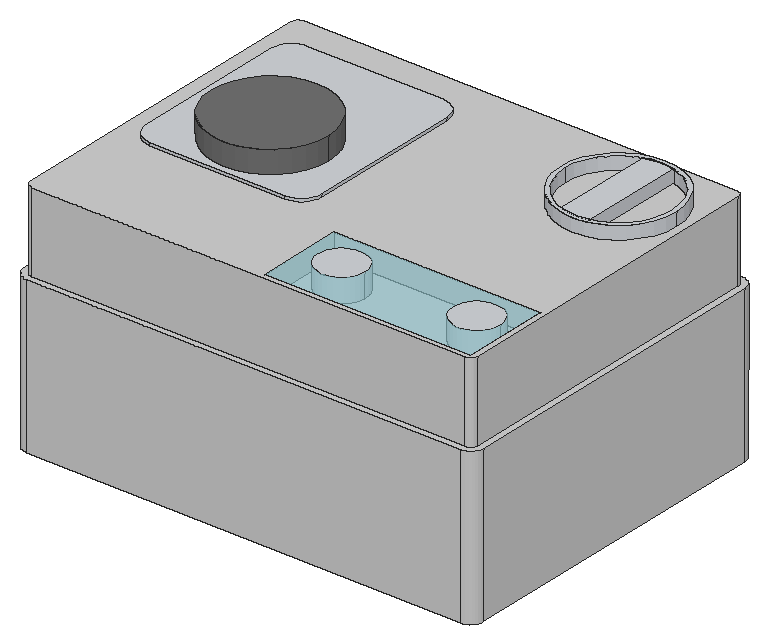
Revit family "Building-ConnessioniIEC309-GEWISS-44IB-PRESE-INTERBLOCCATE_IP44_CON_FONDO_FUS", category Apparecchi elettrici, host Superficie, Revit 2019
Family settings
  Host = Superficie
  Mantenere orientamento annotazione = Sì
  Quota connettore circolare = Usa diametro
  Tipo di parte = Normale
  Taglio con vuoti quando caricato = No
  Condiviso = No
  Punto di calcolo locali = Sì
Parameters (values of type "GW66044 - PRESA BL.OR.C.F.3P+N+T 32A 500V 7H CBF")
  visibilita posizionamento 2d [instance] = yes
  simbolo acceso [instance] = yes
  oggetto in pianta [instance] = not(visibilita posizionamento 2d)  # no
  distanza_simbolo [instance] = 1 mm
  distanza dal piano [instance] = 10 mm
  W = 115 mm  # constant formula
  Voltaggio = 0 V
  Versione file RFA = "21.4"
  VETRO = Vetro
  URL = "https://www.gewiss.com/it/it"
  Tipologia = "Orizzontale"
  Termopressione con biglia = "125 °C (Parti attive) - 80 °C (Parti passive)"
  Tensione nominale = "480-500V"
  Temperatura di utilizzo = "-25 +40 °C"
  Temperatura di funzionamento = "-25 ÷ +40 °C"
  Spostamento_effettivo_S [instance] = 4000 mm - Spostamento_S  # 3000 mm
  Spostamento_S = 1000 mm
  Simbolo circuito [instance] = not(simbolo acceso)  # no
  Scheda Tecnica = "https://www.gewiss.com/it/it/search?q=GW66044"
  STRUTTURA ALTA = blue
  STRUTTURA = RAL - 7035
  SEO = "Presa"
  Riferimento h = "7"
  Resistenza agli urti = "IK08"
  Protezione = "Base portafusibile (CBF)"
  Default Elevation = 1219.2 mm
  Produttore = "GEWISS S.p.A."
  Potere di interruzione fusibili = "> 50 kA"
  PRESA = Giallo
  POMELLO = bianco
  Numero di poli = "3P+N+T"
  N.poli = 1
  N. poli = "3P+N+T"
  Modello = "GW66044"
  L = 155 mm  # constant formula
  Immagine tipo = IP44FondoFus.jpg
  IDT = "df42792c-0395-498e-ac0c-0b2d4cd197bd"
  IDF = "01dac25c-05ac-4859-b7ae-6db1d88bc339"
  Grado di protezione = "IP44"
  Glow wire test: = "850 °C (Parti attive) - 650 °C (Parti passive)"
  Glow Wire Test = "850 °C (Parti attive) - 650 °C (Parti passive)"
  Frequenza nominale (Hz) = "50/60 Hz"
  Frequenza = "50/60 Hz"
  FORMULA = 1000 mm * 1  # 1000 mm
  Descrizione = "PRESA BL.OR.C.F.3P+N+T 32A 500V 7H CBF"
  Creato da GEWISS S.p.A. = ""
  Corrente nominale (In) = "32"
  Corrente nominale (A) = "32"
  Con fondo = "Si"
  Colore: = "Nero"
  Colore = "Nero"
  Codice Electrocod = "2220"
  Codice EAN = "8011564006225"
  Catalogo Serie = "44 IB"
  Catalogo = "BUILDING"
  COBie.Tagnumber = ""
  COBie.CreatedOn = ""
  COBie.CreatebBy = ""
  COBie.ComponentRegisterItemID = ""
  COBie.Component.TagNumber = ""
  COBie.Component.Space = ""
  COBie.Component.SerialNumber = ""
  COBie.Component.InstallationDate = ""
  COBie.Component.Description = ""
  COBie.Component.BarCode = ""
  Base portafusibile = "gG"
  BLOCCO = "B=C"
Types (22, lengths in mm): name | Tensione nominale | Scheda Tecnica | Riferimento h | Numero di poli | N. poli | Modello | IDT | Descrizione | Corrente nominale (In) | Corrente nominale (A) | Colore: | Colore | Codice EAN | Base portafusibile
  GW66023 - PRESA BL.OR.C.F.2P+T 16A 110V 4H CBF | "100-130V" | "https://www.gewiss.com/it/it/search?q=GW66023" | "4" | "2P+T" | "2P+T" | "GW66023" | "7089f5e2-a839-404b-b1ac-23f6156b561d" | "PRESA BL.OR.C.F.2P+T 16A 110V 4H CBF" | "16" | "16" | "Giallo" | "Giallo" | "8011564005891" | "E14"
  GW66024 - PRESA BL.OR.C.F.3P+T 16A 110V 4H CBF | "100-130V" | "https://www.gewiss.com/it/it/search?q=GW66024" | "4" | "3P+T" | "3P+T" | "GW66024" | "faed8e30-7982-47ab-b1a3-6cb02420e8c1" | "PRESA BL.OR.C.F.3P+T 16A 110V 4H CBF" | "16" | "16" | "Giallo" | "Giallo" | "8011564005952" | "E14"
  GW66025 - PRESA BL.OR.C.F.3P+N+T 16A 110V 4H CBF | "100-130V" | "https://www.gewiss.com/it/it/search?q=GW66025" | "4" | "3P+N+T" | "3P+N+T" | "GW66025" | "f794b271-261a-4955-9689-fe424ae59c58" | "PRESA BL.OR.C.F.3P+N+T 16A 110V 4H CBF" | "16" | "16" | "Giallo" | "Giallo" | "8011564005976" | "E14"
  GW66026 - PRESA BL.OR.C.F.2P+T 16A 230V 6H CBF | "200-250V" | "https://www.gewiss.com/it/it/search?q=GW66026" | "6" | "2P+T" | "2P+T" | "GW66026" | "bef3f5e3-376a-4413-a2ae-b2fcd255f968" | "PRESA BL.OR.C.F.2P+T 16A 230V 6H CBF" | "16" | "16" | "Blu" | "Blu" | "8011564005907" | "E14"
  GW66027 - PRESA BL.OR.C.F.3P+T 16A 230V 9H CBF | "200-250V" | "https://www.gewiss.com/it/it/search?q=GW66027" | "9" | "3P+T" | "3P+T" | "GW66027" | "71c747aa-cdfa-4e2f-be48-f6888ddb8eda" | "PRESA BL.OR.C.F.3P+T 16A 230V 9H CBF" | "16" | "16" | "Blu" | "Blu" | "8011564005914" | "E14"
  GW66028 - PRESA BL.OR.C.F.3P+N+T 16A 230V 9H CBF | "200-250V" | "https://www.gewiss.com/it/it/search?q=GW66028" | "9" | "3P+N+T" | "3P+N+T" | "GW66028" | "211f3e4e-be92-4a07-9fb2-628839dfcca9" | "PRESA BL.OR.C.F.3P+N+T 16A 230V 9H CBF" | "16" | "16" | "Blu" | "Blu" | "8011564005983" | "E14"
  GW66029 - PRESA BL.OR.C.F.2P+T 16A 400V 9H CBF | "380-415V" | "https://www.gewiss.com/it/it/search?q=GW66029" | "9" | "2P+T" | "2P+T" | "GW66029" | "d4ac351d-1cb4-4c20-9424-959a358040b4" | "PRESA BL.OR.C.F.2P+T 16A 400V 9H CBF" | "16" | "16" | "Rosso" | "Rosso" | "8011564005945" | "E14"
  GW66030 - PRESA BL.OR.C.F.3P+T 16A 400V 6H CBF | "380-415V" | "https://www.gewiss.com/it/it/search?q=GW66030" | "6" | "3P+T" | "3P+T" | "GW66030" | "9a044153-0dc8-4aea-90c0-5b9d60a92764" | "PRESA BL.OR.C.F.3P+T 16A 400V 6H CBF" | "16" | "16" | "Rosso" | "Rosso" | "8011564005921" | "E14"
  GW66031 - PRESA BL.OR.C.F.3P+N+T 16A 400V 6H CBF | "380-415V" | "https://www.gewiss.com/it/it/search?q=GW66031" | "6" | "3P+N+T" | "3P+N+T" | "GW66031" | "97bfc1d2-dba9-4f15-a97c-6b4be0dd6ee4" | "PRESA BL.OR.C.F.3P+N+T 16A 400V 6H CBF" | "16" | "16" | "Rosso" | "Rosso" | "8011564005938" | "E14"
  GW66032 - PRESA BL.OR.C.F.3P+T 16A 500V 7H CBF | "480-500V" | "https://www.gewiss.com/it/it/search?q=GW66032" | "7" | "3P+T" | "3P+T" | "GW66032" | "814da120-f07b-48a8-903f-843956a2b16c" | "PRESA BL.OR.C.F.3P+T 16A 500V 7H CBF" | "16" | "16" | "Nero" | "Nero" | "8011564005969" | "gG"
  GW66033 - PRESA BL.OR.C.F.3P+N+T 16A 500V 7H CBF | "480-500V" | "https://www.gewiss.com/it/it/search?q=GW66033" | "7" | "3P+N+T" | "3P+N+T" | "GW66033" | "54b80668-78cd-4298-9e84-f3502b01ba6b" | "PRESA BL.OR.C.F.3P+N+T 16A 500V 7H CBF" | "16" | "16" | "Nero" | "Nero" | "8011564005990" | "gG"
  GW66034 - PRESA BL.OR.C.F.2P+T 32A 110V 4H CBF | "100-130V" | "https://www.gewiss.com/it/it/search?q=GW66034" | "4" | "2P+T" | "2P+T" | "GW66034" | "e14145ee-42ad-4c2f-a1ae-1e5d2afd0aa0" | "PRESA BL.OR.C.F.2P+T 32A 110V 4H CBF" | "32" | "32" | "Giallo" | "Giallo" | "8011564006010" | "E18"
  GW66035 - PRESA BL.OR.C.F.3P+T 32A 110V 4H CBF | "100-130V" | "https://www.gewiss.com/it/it/search?q=GW66035" | "4" | "3P+T" | "3P+T" | "GW66035" | "ec2e3317-898e-4865-b65e-7755d8ee4a45" | "PRESA BL.OR.C.F.3P+T 32A 110V 4H CBF" | "32" | "32" | "Giallo" | "Giallo" | "8011564006058" | "E18"
  GW66036 - PRESA BL.OR.C.F.3P+N+T 32A 110V 4H CBF | "100-130V" | "https://www.gewiss.com/it/it/search?q=GW66036" | "4" | "3P+N+T" | "3P+N+T" | "GW66036" | "dc7ca188-32bf-4b8a-8f8d-33004da69451" | "PRESA BL.OR.C.F.3P+N+T 32A 110V 4H CBF" | "32" | "32" | "Giallo" | "Giallo" | "8011564006089" | "E18"
  GW66037 - PRESA BL.OR.C.F.2P+T 32A 230V 6H CBF | "200-250V" | "https://www.gewiss.com/it/it/search?q=GW66037" | "6" | "2P+T" | "2P+T" | "GW66037" | "9219b392-53db-47fd-8626-02f59db4b2c3" | "PRESA BL.OR.C.F.2P+T 32A 230V 6H CBF" | "32" | "32" | "Blu" | "Blu" | "8011564006003" | "E18"
  GW66038 - PRESA BL.OR.C.F.3P+T 32A 230V 9H CBF | "200-250V" | "https://www.gewiss.com/it/it/search?q=GW66038" | "9" | "3P+T" | "3P+T" | "GW66038" | "b5363449-777e-4122-bc3e-04f859593efd" | "PRESA BL.OR.C.F.3P+T 32A 230V 9H CBF" | "32" | "32" | "Blu" | "Blu" | "8011564006065" | "E18"
  GW66039 - PRESA BL.OR.C.F.3P+N+T 32A 230V 9H CBF | "200-250V" | "https://www.gewiss.com/it/it/search?q=GW66039" | "9" | "3P+N+T" | "3P+N+T" | "GW66039" | "d8acc83b-5722-4cd3-87bf-d884a55272f4" | "PRESA BL.OR.C.F.3P+N+T 32A 230V 9H CBF" | "32" | "32" | "Blu" | "Blu" | "8011564006119" | "E18"
  GW66040 - PRESA BL.OR.C.F.2P+T 32A 400V 9H CBF | "380-415V" | "https://www.gewiss.com/it/it/search?q=GW66040" | "9" | "2P+T" | "2P+T" | "GW66040" | "b1fa73f3-0cfe-4431-999d-cca88d5c23a1" | "PRESA BL.OR.C.F.2P+T 32A 400V 9H CBF" | "32" | "32" | "Rosso" | "Rosso" | "8011564006041" | "E18"
  GW66041 - PRESA BL.OR.C.F.3P+T 32A 400V 6H CBF | "380-415V" | "https://www.gewiss.com/it/it/search?q=GW66041" | "6" | "3P+T" | "3P+T" | "GW66041" | "06b2d60c-f5c9-42ce-85d4-d74801b8748a" | "PRESA BL.OR.C.F.3P+T 32A 400V 6H CBF" | "32" | "32" | "Rosso" | "Rosso" | "8011564006027" | "E18"
  GW66042 - PRESA BL.OR.C.F.3P+N+T 32A 400V 6H CBF | "380-415V" | "https://www.gewiss.com/it/it/search?q=GW66042" | "6" | "3P+N+T" | "3P+N+T" | "GW66042" | "33cbc6e3-2c31-487a-9b59-384031c23020" | "PRESA BL.OR.C.F.3P+N+T 32A 400V 6H CBF" | "32" | "32" | "Rosso" | "Rosso" | "8011564006034" | "E18"
  GW66043 - PRESA BL.OR.C.F.3P+T 32A 500V 7H CBF | "480-500V" | "https://www.gewiss.com/it/it/search?q=GW66043" | "7" | "3P+T" | "3P+T" | "GW66043" | "94724e19-a5ed-499c-9114-67e138ce8689" | "PRESA BL.OR.C.F.3P+T 32A 500V 7H CBF" | "32" | "32" | "Nero" | "Nero" | "8011564006072" | "gG"
  GW66044 - PRESA BL.OR.C.F.3P+N+T 32A 500V 7H CBF | "480-500V" | "https://www.gewiss.com/it/it/search?q=GW66044" | "7" | "3P+N+T" | "3P+N+T" | "GW66044" | "df42792c-0395-498e-ac0c-0b2d4cd197bd" | "PRESA BL.OR.C.F.3P+N+T 32A 500V 7H CBF" | "32" | "32" | "Nero" | "Nero" | "8011564006225" | "gG"
Reference planes
  plane 1 "Centro (Fronte/Retro)": y = 0
  plane 2: z = 0
  plane 3 "Centro (Sinistra/Destra)": x = 0
  plane 4: x = -3000
  plane 5: x = 0
  plane 6: through (-313.07, 66.247, 1219.2) normal (0.9397, -0.342, 0)
  plane 7: through (-499.796, -177.063, 1219.2) normal (0.342, 0.9397, 0)
  plane 8: through (528.128, 342.051, 1219.2) normal (0.9397, -0.342, 0)
  plane 9: x = -77.5
  plane 10: x = 77.5
  plane 11: y = -57.5
  plane 12: y = 57.5
  plane 13: z = 10
Forms (mm)
  Extrusion 1, solid, detail levels coarse
    sketch origin (-117, 0, 0) x (1, 0, 0) y (0, 1, 0)
      loop
        line (19, 75) -> (19, -75) -> (215, -75) -> (215, 75) -> (19, 75)
    from 10 to 109.049
Lines and regions (mm)
  symbolic lines, visible <- "visibilita posizionamento 2d"
    curve 1: line (-78, 0, 10) -> (-78, 0, 73.456)
    curve 2: line (-78, 0, 73.456) -> (78, 0, 73.456)
    curve 3: line (78, 0, 73.456) -> (78, 0, 10)
    curve 4: line (-75.25, 0, 73.456) -> (-75.25, 0, 97)
    curve 5: line (-75.25, 0, 97) -> (75.25, 0, 97)
    curve 6: line (75.25, 0, 97) -> (75.25, 0, 73.456)
    curve 7: line (-78, 0, 10) -> (78, 0, 10)
  symbolic lines, visible <- "visibilita posizionamento 2d", not visible
    curve 8: line (-78, 0, 0) -> (-78, 0, 63.456)
    curve 9: line (-78, 0, 63.456) -> (78, 0, 63.456)
    curve 10: line (78, 0, 63.456) -> (78, 0, 0)
    curve 11: line (-75.25, 0, 63.456) -> (-75.25, 0, 87)
    curve 12: line (-75.25, 0, 87) -> (75.25, 0, 87)
    curve 13: line (75.25, 0, 87) -> (75.25, 0, 63.456)
    curve 14: line (-78, 0, 0) -> (78, 0, 0)
Text (mm)
  text "B=C*D" at (190.064, 99.613, 0), in view "Livello rif."
Dimensions and locks
  plane 4 to plane 3 "Centro (Sinistra/Destra)" = 3000 mm
  "Spostamento_effettivo_S": plane 4 to plane 5
  equal spacing: plane 9, plane 3 "Centro (Sinistra/Destra)", plane 10
  equal spacing: plane 12, plane 1 "Centro (Fronte/Retro)", plane 11
  "L": plane 9 to plane 10
  "W": plane 12 to plane 11
  "distanza dal piano": plane 13 to plane 2
  angle plane 6 to plane 5 = 20.00°
  angle plane 7 to plane 1 "Centro (Fronte/Retro)" = 20.00°
  angle plane 8 to plane 7 = 90.00°
  aligned and locked: plane 2 to host face
  aligned and locked: level to host face
  aligned and locked: nested 1 to plane 5
  aligned and locked: plane 1 "Centro (Fronte/Retro)" to nested 2
  aligned and locked: nested 2 to plane 13
  aligned and locked: curve 7 to plane 13
  aligned and locked: Extrusion 1 to plane 13
  aligned and locked: plane 3 "Centro (Sinistra/Destra)" to nested 2
  aligned and locked: plane 5 to nested 3
  aligned and locked: Extrusion 1 to nested 2  (x4)
Automatic sketch dimensions
  host sketch curve to host sketch curve = 2438.4 mm  (x2)
  Extrusion 1 sketch curve to plane 3 "Centro (Sinistra/Destra)" = 98 mm
  plane 3 "Centro (Sinistra/Destra)" to Extrusion 1 sketch curve = 98 mm
  plane 1 "Centro (Fronte/Retro)" to Extrusion 1 sketch curve = 75 mm
  Extrusion 1 sketch curve to plane 1 "Centro (Fronte/Retro)" = 75 mm
Nested families
  nested 1: "PRESAINDPFUS" at (0, 247.795, 0), SIMBOLO ACCESO <- "simbolo acceso", Distanza dal muro <- "distanza_simbolo", visible <- "simbolo acceso", type "3P"
    with SIMBOLO ACCESO yes, Distanza dal muro 1 mm, BORDO ACCESO yes
  nested 2: "base_IB PRESE INTERBLOC portaf ORIZ" at (0, 0, 10), type "base_IB PRESE INTERBLOC portaf ORIZ", detail levels medium+fine
  nested 3: "simbolo_circuitoGW66201N" at (0.924, 249.682, 0), Distanza dal muro <- "distanza_simbolo", visible <- "Simbolo circuito", type "3P"
    with SIMBOLO ACCESO yes, Distanza dal muro 1 mm, BORDO ACCESO yes
Connectors
  electrical at (0, -75, 59.525), driven by "N.poli", driven by "Voltaggio"
    settings: on Extrusion 1, index 1, voltage 0 V, apparent load 0 VA, apparent load phase1 0 VA, apparent load phase2 0 VA, apparent load phase3 0 VA, power factor 1, load classification "Altro", number of poles 1, system type 31, power factor state 1, is connector primary yes, connector utility no, sub classification motor no, connector description ""
Definition of nested family "base_IB PRESE INTERBLOC portaf ORIZ"
  Parameters (values of type "base_IB PRESE INTERBLOC portaf ORIZ")
    Vetro = none
    Struttura = none
    Spessore = 160 mm
    Default Elevation = 14 mm
    Presa = none
    Lunghezza = 196 mm  # constant formula
    IFC.TypeObject = ""
    IFC.ExportType = ""
    IFC.ExportAs = ""
    H_da terra = 586.883 mm
    COBie.CreatedOn = ""
    COBie.CreatebBy = ""
    COBie.ComponentRegisterItemID = ""
    COBie.Component.TagNumber = ""
    COBie.Component.Space = ""
    COBie.Component.SerialNumber = ""
    COBie.Component.InstallationDate = ""
    COBie.Component.Description = ""
    COBie.Component.BarCode = ""
    Altezza = 150 mm  # constant formula
  Reference planes
    plane 1 "Centro (Fronte/Retro)": y = 0
    plane 2: z = 0
    plane 3 "Centro (Sinistra/Destra)": x = 0
    plane 4: z = 110.5
    plane 5: x = -95.25
    plane 6: x = -98
    plane 7: x = 95.25
    plane 8: x = 98
    plane 9: y = 75
    plane 10: y = -75
    plane 11: x = -65.25
    plane 12: z = 66
    plane 13: z = 101.133
    plane 14: z = 100
    plane 15: y = 58.289
    plane 16: x = 93
    plane 17: y = -32.96
    plane 18: x = 5
    plane 19: y = -70
    plane 20: z = 90.218
    plane 21: y = -43.532
    plane 22: x = 16.426
    plane 23: x = 85.968
    plane 24: z = 87
    plane 25: z = 103.604
  Forms (mm)
    Extrusion 1, solid, material <- "Struttura"
      sketch origin (0, -661.883, 0) x (1, 0, 0) y (0, 1, 0)
        loop
          arc (-92.456, 736.883) -> (-96.376, 735.259) -> (-98, 731.34) r 5.544
          line (-98, 731.34) -> (-98, 592.427)
          arc (-98, 592.427) -> (-96.376, 588.507) -> (-92.456, 586.883) r 5.544
          line (-92.456, 586.883) -> (92.456, 586.883)
          arc (92.456, 586.883) -> (96.376, 588.507) -> (98, 592.427) r 5.544
          line (98, 592.427) -> (98, 731.34)
          arc (98, 731.34) -> (96.376, 735.259) -> (92.456, 736.883) r 5.544
          line (92.456, 736.883) -> (-92.456, 736.883)
      from 0 to 66
    Extrusion 2, solid, material <- "Struttura"
      sketch origin (0, -661.883, 0) x (1, 0, 0) y (0, 1, 0)
        loop
          line (-95.25, 731.134) -> (-95.25, 592.633)
          arc (-95.25, 592.633) -> (-94.372, 590.512) -> (-92.251, 589.633) r 3
          line (-92.251, 589.633) -> (92.251, 589.633)
          arc (92.251, 589.633) -> (94.372, 590.512) -> (95.25, 592.633) r 3
          line (95.25, 592.633) -> (95.25, 731.134)
          arc (95.25, 731.134) -> (94.372, 733.255) -> (92.251, 734.133) r 3
          line (92.251, 734.133) -> (-92.251, 734.133)
          arc (-92.251, 734.133) -> (-94.372, 733.255) -> (-95.25, 731.134) r 3
      from 66 to 100
    Extrusion 3, solid
      sketch origin (15.707, -661.98, 0) x (1, 0, 0) y (0, 1, 0)
        loop
          circle (51.251, 703.105) r 24.739
        loop
          circle (51.251, 703.105) r 22.94
      from 100 to 105.5
    Extrusion 4, solid
      sketch origin (14.421, -653.184, 0) x (1, 0, 0) y (0, 1, 0)
        loop
          arc (45.579, 672.45) -> (51.85, 671.379) -> (58.173, 672.073) r 22.94
          line (58.173, 672.073) -> (58.173, 716.546)
          arc (58.173, 716.546) -> (51.85, 717.239) -> (45.579, 716.168) r 22.94
          line (45.579, 716.168) -> (45.579, 672.45)
      from 100 to 105.5
    Extrusion 5, solid
      sketch origin (-22.5, -674.005, 0) x (1, 0, 0) y (0, 1, 0)
        loop
          line (9.483, 657.084) -> (9.521, 723.465)
          arc (9.521, 723.465) -> (6.935, 729.709) -> (0.692, 732.295) r 8.829
          line (0.692, 732.295) -> (-56.711, 732.295)
          arc (-56.711, 732.295) -> (-62.749, 729.794) -> (-65.25, 723.756) r 8.539
          line (-65.25, 723.756) -> (-65.25, 656.898)
          arc (-65.25, 656.898) -> (-62.73, 650.814) -> (-56.647, 648.294) r 8.604
          line (-56.647, 648.294) -> (0.692, 648.294)
          arc (0.692, 648.294) -> (6.908, 650.868) -> (9.483, 657.084) r 8.791
      from 100 to 101.133
    Extrusion 6, solid, material <- "Presa"
      sketch origin (-22.5, -652.755, 0) x (1, 0, 0) y (0, 1, 0)
        loop
          circle (-27.977, 655.044) r 25
      from 100 to 110.5
    Extrusion 7, void
      sketch origin (0, 0, 0) x (1, 0, 0) y (0, 1, 0)
        loop
          line (5, -70) -> (93, -70) -> (93, -32.96) -> (5, -32.96) -> (5, -70)
      from 90.218 to 100
    Extrusion 8, solid
      sketch origin (0, 0, 0) x (1, 0, 0) y (0, 1, 0)
        loop
          line (5, -70) -> (93, -70) -> (93, -32.96) -> (5, -32.96) -> (5, -70)
      from 87 to 100
    Extrusion 9, solid
      sketch origin (0, 0, 0) x (1, 0, 0) y (0, 1, 0)
        loop
          circle (20.176, -47.907) r 10
        loop
          circle (77.824, -47.907) r 10
      from 100 to 87
  Cuts and joins
    Extrusion 7 cuts Extrusion 1
    Extrusion 7 cuts Extrusion 2
  Dimensions and locks
    locked: plane 6 to plane 5 at 2.75
    locked: plane 7 to plane 8 at 2.75
    "Lunghezza": plane 6 to plane 8
    equal spacing: plane 10, plane 1 "Centro (Fronte/Retro)", plane 9
    equal spacing: plane 6, plane 3 "Centro (Sinistra/Destra)", plane 8
    plane 12 to level = 66 mm
    plane 18 to plane 16 = 88 mm
    plane 17 to plane 19 = 37.04 mm
    locked: plane 16 to plane 8 at 5
    locked: plane 10 to plane 19 at 5
    "Altezza": plane 10 to plane 9
    locked: plane 13 to plane 25 at 2.471
    plane 12 to plane 20 = 24.218 mm
    locked: plane 20 to plane 14 at 9.782
    locked: plane 14 to plane 13 at 1.133
    plane 12 to plane 14 = 34 mm
    plane 12 to plane 4 = 44.5 mm
    aligned and locked: level to plane 2
    aligned and locked: Extrusion 3 to Extrusion 2
    aligned and locked: plane 10 to Extrusion 1 sketch curve
    aligned and locked: plane 9 to Extrusion 1 sketch curve
    aligned and locked: plane 6 to Extrusion 1 sketch curve
    aligned and locked: Extrusion 1 sketch curve to plane 8
    aligned and locked: Extrusion 5 to plane 15
    aligned and locked: Extrusion 7 sketch curve to plane 18
    aligned and locked: Extrusion 7 sketch curve to plane 17
    aligned and locked: Extrusion 7 sketch curve to plane 16
    aligned and locked: Extrusion 7 sketch curve to plane 19
    aligned and locked: Extrusion 3 to Extrusion 7
    aligned and locked: plane 20 to cut or joined group of Extrusion 2, Extrusion 7
    aligned and locked: Extrusion 8 sketch curve to plane 18
    aligned and locked: Extrusion 8 sketch curve to plane 19
    aligned and locked: Extrusion 8 sketch curve to plane 17
    aligned and locked: Extrusion 8 sketch curve to plane 16
    aligned and locked: Extrusion 8 to plane 14
    aligned and locked: Extrusion 4 sketch curve to Extrusion 3  (x2)
    aligned and locked: plane 24 to Extrusion 8
    aligned and locked: Extrusion 9 to plane 24
    aligned and locked: plane 14 to Extrusion 5
    aligned and locked: plane 14 to Extrusion 6
    aligned and locked: plane 14 to Extrusion 4
    aligned and locked: Extrusion 5 to plane 13
    aligned and locked: cut or joined group of Extrusion 1, Extrusion 7 to plane 12
    aligned and locked: plane 12 to cut or joined group of Extrusion 2, Extrusion 7
    aligned and locked: cut or joined group of Extrusion 2, Extrusion 7 to plane 14
    aligned and locked: Extrusion 9 to plane 14
    aligned and locked: plane 4 to Extrusion 6
    aligned and locked: Extrusion 3 to Extrusion 4
  Automatic sketch dimensions
    Extrusion 1 sketch curve to plane 5 = 2.794 mm  (x2)
    plane 7 to Extrusion 1 sketch curve = 2.794 mm  (x2)
    Extrusion 2 sketch curve to plane 5 = 0 mm
    Extrusion 2 sketch curve to plane 7 = 0 mm
    Extrusion 2 sketch curve to plane 5 = 3 mm  (x2)
    Extrusion 2 sketch curve to Extrusion 2 sketch curve = 3 mm
    plane 7 to Extrusion 2 sketch curve = 3 mm
    Extrusion 2 sketch curve to plane 10 = 2.75 mm
    plane 9 to Extrusion 2 sketch curve = 5.749 mm
    Extrusion 3 sketch curve to Extrusion 3 sketch curve = 0 mm  (x2)
    plane 7 to Extrusion 3 sketch curve = 28.292 mm
    plane 9 to Extrusion 3 sketch curve = 33.875 mm
    Extrusion 6 sketch curve to plane 1 "Centro (Fronte/Retro)" = 2.288 mm
    Extrusion 5 sketch curve to plane 11 = 22.5 mm
    Extrusion 5 sketch curve to plane 11 = 13.961 mm
    Extrusion 5 sketch curve to plane 11 = 13.896 mm
    Extrusion 5 sketch curve to plane 3 "Centro (Sinistra/Destra)" = 21.808 mm  (x2)
    Extrusion 5 sketch curve to Extrusion 5 sketch curve = 8.829 mm
    plane 1 "Centro (Fronte/Retro)" to Extrusion 5 sketch curve = 16.921 mm
    plane 1 "Centro (Fronte/Retro)" to Extrusion 5 sketch curve = 17.108 mm
    Extrusion 5 sketch curve to Extrusion 5 sketch curve = 0 mm
    Extrusion 6 sketch curve to plane 3 "Centro (Sinistra/Destra)" = 50.477 mm
    plane 15 to Extrusion 5 sketch curve = 0 mm
    Extrusion 4 sketch curve to plane 15 = 4.695 mm
    Extrusion 4 sketch curve to plane 15 = 5.072 mm
    Extrusion 9 sketch curve to plane 23 = 8.144 mm
    plane 22 to Extrusion 9 sketch curve = 3.75 mm
    Extrusion 9 sketch curve to plane 21 = 4.375 mm  (x2)
    radius of Extrusion 3 sketch curve = 24.739 mm
    radius of Extrusion 3 sketch curve = 22.94 mm
    radius of Extrusion 6 sketch curve = 25 mm
    radius of Extrusion 9 sketch curve = 10 mm  (x2)
Definition of nested family "PRESAINDPFUS"
  Parameters (values of type "2P")
    SIMBOLO ACCESO [instance] = yes
    SIMBOLO = PRESAINDPFUS_BASE : 2P
    Distanza dal muro [instance] = 0 mm
    BORDO ACCESO [instance] = yes
  Types (2, lengths in mm): name | SIMBOLO
    2P | PRESAINDPFUS_BASE : 2P
    3P | PRESAINDPFUS_BASE : 3P
  Reference planes
    plane 1: y = 0
    plane 2: x = 0
  Dimensions and locks
    "Distanza dal muro": plane 1 to nested 1
    aligned and locked: plane 2 to nested 1
  Nested families
    nested 1: "PRESAINDPFUS_BASE" at (0, 0, 0), type <- "SIMBOLO", CORNICE SIMBOLO <- "BORDO ACCESO", visible <- "SIMBOLO ACCESO", type "2P"
  Definition of nested family "PRESAINDPFUS_BASE"
    Parameters (values of type "3P")
      CORNICE SIMBOLO [instance] = yes
      3P = yes
    Types (2, lengths in mm): name | 3P
      3P | yes
      2P | no
    Reference planes
      plane 1: y = 0
      plane 2: x = 0
    Lines and regions (mm)
      detail lines, visible <- "CORNICE SIMBOLO"
        curve 1: line (-0.9, 2.4, 0) -> (0.9, 2.4, 0)
        curve 2: line (0.9, 2.4, 0) -> (0.9, 0.1, 0)
        curve 3: line (0.9, 0.1, 0) -> (-0.9, 0.1, 0)
        curve 4: line (-0.9, 0.1, 0) -> (-0.9, 2.4, 0)
      detail lines, not visible
        curve 5: line (-2.443, 10.208, 0) -> (2.057, 10.208, 0)
        curve 6: line (2.057, 10.208, 0) -> (2.057, 4.208, 0)
        curve 7: line (2.057, 4.208, 0) -> (-2.443, 4.208, 0)
        curve 8: line (-2.443, 4.208, 0) -> (-2.443, 10.208, 0)
        curve 9: line (-2.043, 9.808, 0) -> (1.657, 9.808, 0)
        curve 10: line (1.657, 9.808, 0) -> (1.657, 4.608, 0)
        curve 11: line (1.657, 4.608, 0) -> (-2.043, 4.608, 0)
        curve 12: line (-2.043, 4.608, 0) -> (-2.043, 9.808, 0)
      detail lines
        curve 13: line (-0.45, 1.069, 0) -> (-0.167, 1.069, 0)
        curve 14: line (-0.167, 1.069, 0) -> (0.33, 1.929, 0)
        curve 15: line (0.33, 1.929, 0) -> (0.836, 1.636, 0)
        curve 16: line (-0.167, 1.069, 0) -> (-0.45, 0.578, 0)
        curve 17: line (-0.45, 0.578, 0) -> (-0.45, 2.341, 0)
        curve 18: line (0.135, 1.591, 0) -> (0.641, 1.299, 0)
        curve 19: line (-0.84, 0.578, 0) -> (-0.06, 0.578, 0)
        curve 20: line (-0.45, 0.952, 0) -> (-0.333, 1.069, 0)
        curve 21: line (-0.45, 0.883, 0) -> (-0.264, 1.069, 0)
        curve 22: line (-0.45, 0.814, 0) -> (-0.195, 1.069, 0)
        curve 23: line (-0.45, 0.745, 0) -> (-0.223, 0.972, 0)
        curve 24: line (-0.45, 0.676, 0) -> (-0.317, 0.809, 0)
        curve 26: arc (-0.84, 0.189, 0) -> (-0.45, 0.578, 0) -> (-0.06, 0.189, 0) r 0.39
        curve 27: line (-0.608, 1.243, 0) -> (-0.608, 2.064, 0)
        curve 28: line (-0.608, 2.064, 0) -> (-0.292, 2.064, 0)
        curve 29: line (-0.292, 2.064, 0) -> (-0.292, 1.243, 0)
        curve 30: line (-0.292, 1.243, 0) -> (-0.608, 1.243, 0)
      detail lines, visible <- "3P"
        curve 25: line (-0.06, 1.254, 0) -> (0.446, 0.961, 0)
Definition of nested family "simbolo_circuitoGW66201N"
  Parameters (values of type "3P")
    SIMBOLO ACCESO [instance] = yes
    SIMBOLO = PRESAINDSTAGNA_BASE : 3P
    Distanza dal muro [instance] = 0 mm
    BORDO ACCESO [instance] = yes
  Reference planes
    plane 1: y = 0
    plane 2: x = 0
  Dimensions and locks
    "Distanza dal muro": plane 1 to nested 1
    aligned and locked: plane 2 to nested 1
  Nested families
    nested 1: "GW66201N-simb_base_di circuito" at (0, 0, 0), visible <- "SIMBOLO ACCESO", type "3P"
      with CORNICE SIMBOLO yes
  Definition of nested family "GW66201N-simb_base_di circuito"
    Parameters (values of type "3P")
      CORNICE SIMBOLO [instance] = yes
      3P = yes
    Types (2, lengths in mm): name | 3P
      3P | yes
      2P | no
    Reference planes
      plane 1: y = 0
      plane 2: x = 0
    Lines and regions (mm)
      detail lines, not visible
        curve 1: line (-2.443, 10.208, 0) -> (2.057, 10.208, 0)
        curve 2: line (2.057, 10.208, 0) -> (2.057, 4.208, 0)
        curve 3: line (2.057, 4.208, 0) -> (-2.443, 4.208, 0)
        curve 4: line (-2.443, 4.208, 0) -> (-2.443, 10.208, 0)
        curve 5: line (-2.043, 9.808, 0) -> (1.657, 9.808, 0)
        curve 6: line (1.657, 9.808, 0) -> (1.657, 4.608, 0)
        curve 7: line (1.657, 4.608, 0) -> (-2.043, 4.608, 0)
        curve 8: line (-2.043, 4.608, 0) -> (-2.043, 9.808, 0)
    Dimensions and locks
      aligned and locked: import instance to plane 2
      aligned and locked: plane 1 to import instance
